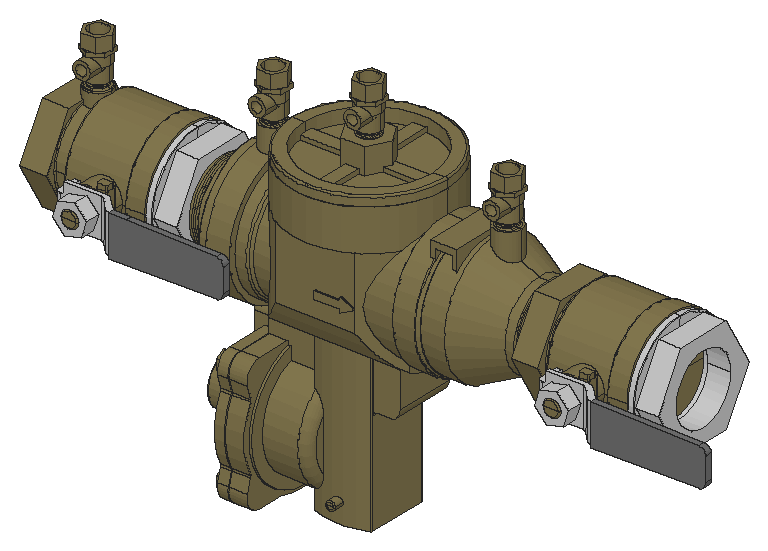
Revit family "FRP2.00-QT-LL 2.00in FRP", category Plumbing Fixtures, Revit 2018 (continued)
Definition of nested family "00_2-00 V R"
  Forms (in)
    Extrusion 6, solid, material <- "H Material"
      sketch origin (1.16635, 5.78489, 0.47153) x (1, 0, 0) y (0, 1, 0)
        loop
          arc (0.04274, -8.17899) -> (0.12022, -8.1944) -> (0.18591, -8.23829) r 0.20247
          line (0.18591, -8.23829) -> (0.51877, -8.57115)
          arc (0.51877, -8.57115) -> (0.59987, -8.62534) -> (0.69554, -8.64437) r 0.25
          line (0.69554, -8.64437) -> (1.16913, -8.64437) -> (1.16913, -8.51119) -> (0.74356, -8.51119)
          arc (0.74356, -8.51119) -> (0.67647, -8.49785) -> (0.61959, -8.45984) r 0.17533
          line (0.61959, -8.45984) -> (0.2782, -8.11845)
          arc (0.2782, -8.11845) -> (0.17911, -8.05224) -> (0.06222, -8.02899) r 0.30544
      from -0.30619 to 0.82178
    Revolve 7, solid, material <- "B Material"
      sketch origin (0.68626, -1.37795, 0.69658) x (1, 0, 0) y (0, 1, 0)
        loop
          line (-0.0117, -1.47638) -> (0.19672, -1.47638) -> (0.24207, -1.42233) -> (0.19659, -1.38806) -> (0.2383, -1.34917) -> (0.19628, -1.30999) -> (0.23831, -1.2708) -> (0.19628, -1.2316) -> (0.23832, -1.1924) -> (-0.0117, -1.1924) -> (-0.0117, -1.47638)
        axis (-0.0117, -1.1924) -> (-0.0117, -1.47638)
      angle from 0 to 360
    Extrusion 8, solid, material <- "B Material"
      sketch origin (1.40496, -0.59233, 0) x (1, 0, 0) y (0, 1, 0)
        loop
          line (-1.26903, -1.25808) -> (-1.34987, -1.28746) -> (-1.34987, -1.53366) -> (-1.26903, -1.53366) -> (-1.26903, -1.25808)
      from 0.57677 to 0.92673
    Extrusion 9, solid, material <- "H Material"
      sketch origin (0.27889, -0.34018, 0.17051) x (0.956305, 0, -0.292372) y (0.292372, 0, 0.956305)
        loop
          line (-0.2107, 0.86931) -> (-0.21609, 0.37155) -> (0.21229, 0.118) -> (0.64606, 0.36221) -> (0.65145, 0.85998) -> (0.22307, 1.11353) -> (-0.2107, 0.86931)
        loop
          circle (0.22458, 0.61877) r 0.25377
      from 2.05392 to 2.47714
    Extrusion 10, solid, material <- "B Material"
      sketch origin (0.62094, -0.74833, 0.15748) x (1, 0, 0) y (0, 0, 1)
        loop
          line (-0.17058, 0.15363) -> (0.26942, 0.15363) -> (0.48942, 0.54008) -> (0.26942, 0.92114) -> (-0.17058, 0.92114) -> (-0.39058, 0.54008) -> (-0.17058, 0.15363)
        loop
          arc (0.04942, 0.81618) -> (-0.22538, 0.5134) -> (0.10253, 0.26915) r 0.27609
          arc (0.10253, 0.26915) -> (0.32422, 0.56676) -> (0.04942, 0.81618) r 0.27609
      from 1.41703 to 1.49577
    Extrusion 11, solid, material <- "B Material"
      sketch origin (6.64734, 25.51014, 0) x (0, -1, 0) y (0, 0, 1)
        loop
          line (24.70303, 2.09193) -> (23.89895, 0.69224) -> (24.70908, -0.70397) -> (26.3233, -0.70048) -> (27.12738, 0.69922) -> (26.31725, 2.09542) -> (24.70303, 2.09193)
        loop
          circle (25.51014, 0.69572) r 1
      from 7.33853 to 8.08656
    Extrusion 12, solid, material <- "H Material"
      sketch origin (10.46624, 25.51014, 0) x (0, -1, 0) y (0, 0, 1)
        loop
          line (24.70303, 2.09193) -> (23.89895, 0.69224) -> (24.70908, -0.70397) -> (26.3233, -0.70048) -> (27.12738, 0.69922) -> (26.31725, 2.09542) -> (24.70303, 2.09193)
        loop
          circle (25.51014, 0.69572) r 1
      from 7.69286 to 8.36215
    Extrusion 13, void
      sketch origin (0, 0, 0) x (1, 0, 0) y (0, 1, 0)
        loop
          line (-0.11174, -1.67995) -> (-0.11174, -2.42995) -> (0.15509, -2.42995) -> (0.15509, -1.67995) -> (-0.11174, -1.67995)
      from 0.97925 to 1.39067
    Extrusion 14, void
      sketch origin (0, 0, -0.87401) x (1, 0, 0) y (0, 1, 0)
        loop
          line (-0.11174, -1.67995) -> (-0.11174, -2.42995) -> (0.15509, -2.42995) -> (0.15509, -1.67995) -> (-0.11174, -1.67995)
      from 0.97925 to 1.56974
    Extrusion 15, solid, material <- "B Material"
      sketch origin (0, 0, 0) x (1, 0, 0) y (0, 1, 0)
        loop
          line (1.17713, -1.92913) -> (0.9438, -1.92913)
          arc (0.9438, -1.92913) -> (0.92909, -1.93523) -> (0.92299, -1.94994) r 0.02081
          line (0.92299, -1.94994) -> (0.92299, -2.1251)
          arc (0.92299, -2.1251) -> (0.92902, -2.13965) -> (0.94356, -2.14567) r 0.02057
          line (0.94356, -2.14567) -> (1.16089, -2.14567)
          arc (1.16089, -2.14567) -> (1.18754, -2.13463) -> (1.19858, -2.10797) r 0.0377
          line (1.19858, -2.10797) -> (1.19858, -1.95059)
          arc (1.19858, -1.95059) -> (1.1923, -1.93542) -> (1.17713, -1.92913) r 0.02145
      from 1.29595 to 1.44376
  Cuts and joins
    Extrusion 13, Extrusion 14 cuts Revolve 2
    joined: Revolve 1, Revolve 2
    Extrusion 13, Extrusion 14 cuts Extrusion 6
    Extrusion 13 cuts Extrusion 8
    Extrusion 13 cuts Extrusion 10
  Dimensions and locks (in)
    equal spacing: plane 8, plane 9, level
    aligned and locked: level to plane 2
  Automatic sketch dimensions
    Revolve 4 sketch curve to plane 4 = 1.00173"
    Revolve 4 sketch curve to Revolve 4 sketch curve = 0.01998"
    Revolve 4 sketch curve to Revolve 4 sketch curve = 0.01999"
    Revolve 4 sketch curve to Revolve 4 sketch curve = 0.17687"
    plane 8 to Revolve 4 sketch curve = 0.31111"
    Revolve 4 sketch curve to Revolve 4 sketch curve = 0.56148"
    Revolve 4 sketch curve to Revolve 4 sketch curve = 0.00"
    plane 9 to Revolve 4 sketch curve = 0.03262"
    Revolve 4 sketch curve to Revolve 4 sketch curve = 0.41118"
    Revolve 4 sketch curve to Revolve 4 sketch curve = 0.08313"
    level to Extrusion 5 sketch curve = 0.13829"
    plane 4 to Extrusion 5 sketch curve = 0.75168"
    Extrusion 5 sketch curve to plane 9 = 0.34639"
    Extrusion 5 sketch curve to Extrusion 5 sketch curve = 3.10383"
    plane 6 to Extrusion 5 sketch curve = 0.06892"
    Extrusion 5 sketch curve to Extrusion 5 sketch curve = 0.00055"
    level to Extrusion 5 sketch curve = 0.1854"
    Extrusion 5 sketch curve to Extrusion 5 sketch curve = 0.00298"
    Extrusion 5 sketch curve to plane 6 = 0.12709"
    plane 8 to Extrusion 5 sketch curve = 0.14076"
    Extrusion 6 sketch curve to plane 3 "Center (Left/Right)" = 0.09491"
    plane 3 "Center (Left/Right)" to Extrusion 6 sketch curve = 0.05509"
    Extrusion 6 sketch curve to Extrusion 6 sketch curve = 0.00448"
    Extrusion 6 sketch curve to Extrusion 6 sketch curve = 0.03468"
    plane 4 to Extrusion 6 sketch curve = 0.10673"
    Extrusion 6 sketch curve to Extrusion 6 sketch curve = 0.01948"
    Extrusion 6 sketch curve to Extrusion 6 sketch curve = 0.14317"
    Extrusion 6 sketch curve to Extrusion 6 sketch curve = 0.09229"
    Extrusion 6 sketch curve to Extrusion 6 sketch curve = 0.33286"
    Extrusion 6 sketch curve to Extrusion 6 sketch curve = 0.10082"
    Extrusion 6 sketch curve to Extrusion 6 sketch curve = 0.07595"
    Extrusion 6 sketch curve to Extrusion 6 sketch curve = 0.04802"
    Extrusion 6 sketch curve to Extrusion 6 sketch curve = 0.42556"
    plane 1 "Center (Front/Back)" to Extrusion 6 sketch curve = 2.85948"
    Extrusion 6 sketch curve to Extrusion 6 sketch curve = 0.07322"
    Extrusion 6 sketch curve to Extrusion 6 sketch curve = 0.13318"
    Extrusion 6 sketch curve to Extrusion 6 sketch curve = 0.06547"
    Extrusion 6 sketch curve to Extrusion 6 sketch curve = 0.18969"
    Extrusion 6 sketch curve to Extrusion 6 sketch curve = 0.04703"
    Extrusion 6 sketch curve to Extrusion 6 sketch curve = 0.09614"
    Extrusion 6 sketch curve to Extrusion 6 sketch curve = 0.11984"
    Extrusion 6 sketch curve to Extrusion 6 sketch curve = 0.51532"
    Revolve 7 sketch curve to plane 4 = 0.4278"
    Revolve 7 sketch curve to plane 4 = 0.21982"
    Revolve 7 sketch curve to Revolve 7 sketch curve = 0.00"  (x3)
    Revolve 7 sketch curve to Revolve 7 sketch curve = 0.00031"
    Revolve 7 sketch curve to Revolve 7 sketch curve = 0.00012"
    Revolve 7 sketch curve to Revolve 7 sketch curve = 0.04171"
    Revolve 7 sketch curve to Revolve 7 sketch curve = 0.04203"
    Revolve 7 sketch curve to Revolve 7 sketch curve = 0.04204"
    Revolve 7 sketch curve to Revolve 7 sketch curve = 0.04547"
    plane 1 "Center (Front/Back)" to Revolve 7 sketch curve = 2.85433"
    Revolve 7 sketch curve to Revolve 7 sketch curve = 0.05405"
    Revolve 7 sketch curve to Revolve 7 sketch curve = 0.03427"
    Revolve 7 sketch curve to Revolve 7 sketch curve = 0.03889"
    Revolve 7 sketch curve to Revolve 7 sketch curve = 0.03918"
    Revolve 7 sketch curve to Revolve 7 sketch curve = 0.03919"  (x2)
    Revolve 7 sketch curve to Revolve 7 sketch curve = 0.0392"
    Revolve 7 sketch curve to Revolve 7 sketch curve = 0.08721"
    Extrusion 9 sketch curve to Extrusion 9 sketch curve = 0.00"  (x2)
    Extrusion 9 sketch curve to plane 9 = 0.13934"
    plane 3 "Center (Left/Right)" to Extrusion 9 sketch curve = 0.18087"
    Extrusion 9 sketch curve to Extrusion 9 sketch curve = 0.00539"
    Extrusion 9 sketch curve to Extrusion 9 sketch curve = 0.42838"
    Extrusion 9 sketch curve to Extrusion 9 sketch curve = 0.43377"
    Extrusion 9 sketch curve to Extrusion 9 sketch curve = 0.00151"
    Extrusion 9 sketch curve to Extrusion 9 sketch curve = 0.42148"
    Extrusion 9 sketch curve to Extrusion 9 sketch curve = 0.42687"
    Extrusion 9 sketch curve to Extrusion 9 sketch curve = 0.00934"
    Extrusion 9 sketch curve to Extrusion 9 sketch curve = 0.24421"
    Extrusion 9 sketch curve to Extrusion 9 sketch curve = 0.25655"
    Extrusion 9 sketch curve to Extrusion 9 sketch curve = 0.24121"
    Extrusion 9 sketch curve to Extrusion 9 sketch curve = 0.49776"
    Extrusion 9 sketch curve to Extrusion 9 sketch curve = 0.49476"
    Extrusion 9 sketch curve to Extrusion 9 sketch curve = 0.24268"
    Extrusion 9 sketch curve to Extrusion 9 sketch curve = 0.18419"
    Extrusion 9 sketch curve to Extrusion 9 sketch curve = 0.07419"
    Extrusion 11 sketch curve to Extrusion 11 sketch curve = 0.00"  (x2)
    Extrusion 11 sketch curve to plane 1 "Center (Front/Back)" = 0.00"
    Extrusion 11 sketch curve to plane 1 "Center (Front/Back)" = 0.80106"
    Extrusion 11 sketch curve to plane 1 "Center (Front/Back)" = 0.80711"
    Extrusion 11 sketch curve to plane 9 = 0.03611"
    Extrusion 11 sketch curve to plane 1 "Center (Front/Back)" = 1.61119"
    plane 1 "Center (Front/Back)" to Extrusion 11 sketch curve = 0.80711"
    plane 1 "Center (Front/Back)" to Extrusion 11 sketch curve = 0.81315"
    Extrusion 11 sketch curve to plane 9 = 0.02913"
    Extrusion 11 sketch curve to Extrusion 11 sketch curve = 0.80408"
    Extrusion 11 sketch curve to level = 0.70048"
    Extrusion 11 sketch curve to level = 0.70397"
    Extrusion 11 sketch curve to plane 9 = 0.03263"
    Extrusion 11 sketch curve to plane 8 = 0.63524"
    Extrusion 11 sketch curve to plane 8 = 0.63873"
    Extrusion 11 sketch curve to Extrusion 11 sketch curve = 0.61119"
    Extrusion 12 sketch curve to plane 1 "Center (Front/Back)" = 0.00"
    Extrusion 12 sketch curve to plane 1 "Center (Front/Back)" = 0.80106"
    Extrusion 12 sketch curve to plane 1 "Center (Front/Back)" = 0.80711"
    Extrusion 12 sketch curve to plane 9 = 0.03611"
    Extrusion 12 sketch curve to plane 1 "Center (Front/Back)" = 1.61119"
    plane 1 "Center (Front/Back)" to Extrusion 12 sketch curve = 0.80711"
    plane 1 "Center (Front/Back)" to Extrusion 12 sketch curve = 0.81315"
    Extrusion 12 sketch curve to plane 9 = 0.02913"
    Extrusion 12 sketch curve to Extrusion 12 sketch curve = 0.80408"
    Extrusion 12 sketch curve to level = 0.70048"
    Extrusion 12 sketch curve to level = 0.70397"
    Extrusion 12 sketch curve to plane 9 = 0.03263"
    Extrusion 12 sketch curve to plane 8 = 0.63524"
    Extrusion 12 sketch curve to plane 8 = 0.63873"
    Extrusion 13 sketch curve to plane 3 "Center (Left/Right)" = 0.11174"
    plane 3 "Center (Left/Right)" to Extrusion 13 sketch curve = 0.15509"
    plane 1 "Center (Front/Back)" to Extrusion 13 sketch curve = 2.42995"
    Extrusion 13 sketch curve to Extrusion 13 sketch curve = 0.75"
    Extrusion 14 sketch curve to plane 3 "Center (Left/Right)" = 0.11174"
    plane 3 "Center (Left/Right)" to Extrusion 14 sketch curve = 0.15509"
    plane 1 "Center (Front/Back)" to Extrusion 14 sketch curve = 2.42995"
    Extrusion 14 sketch curve to Extrusion 14 sketch curve = 0.75"
    Extrusion 10 sketch curve to Extrusion 10 sketch curve = 0.00"  (x2)
    Extrusion 10 sketch curve to plane 9 = 0.03078"  (x3)
    plane 3 "Center (Left/Right)" to Extrusion 10 sketch curve = 0.23036"
    plane 3 "Center (Left/Right)" to Extrusion 10 sketch curve = 0.45036"
    plane 6 to Extrusion 10 sketch curve = 0.06312"
    Extrusion 10 sketch curve to Extrusion 10 sketch curve = 0.22"
    Extrusion 10 sketch curve to plane 4 = 0.432"
    Extrusion 10 sketch curve to plane 4 = 0.212"  (x2)
    plane 4 to Extrusion 10 sketch curve = 0.008"
    level to Extrusion 10 sketch curve = 0.31111"
    Extrusion 10 sketch curve to Extrusion 10 sketch curve = 0.16689"
    Extrusion 10 sketch curve to Extrusion 10 sketch curve = 0.11552"
    Revolve 2 sketch curve to plane 4 = 0.43528"
    plane 4 to Revolve 2 sketch curve = 0.076"
    plane 4 to Revolve 2 sketch curve = 0.09622"
    plane 1 "Center (Front/Back)" to Revolve 2 sketch curve = 2.16535"
    Revolve 2 sketch curve to Revolve 2 sketch curve = 0.69621"
    Revolve 2 sketch curve to Revolve 2 sketch curve = 0.00"
    Revolve 2 sketch curve to Revolve 2 sketch curve = 0.01863"
    Revolve 2 sketch curve to Revolve 2 sketch curve = 0.03913"
    Extrusion 3 sketch curve to plane 4 = 0.20749"
    Extrusion 3 sketch curve to Extrusion 3 sketch curve = 0.03765"
    Extrusion 3 sketch curve to Extrusion 3 sketch curve = 0.04925"
    plane 4 to Extrusion 3 sketch curve = 0.05852"
    plane 4 to Extrusion 3 sketch curve = 0.07091"
    Extrusion 3 sketch curve to Extrusion 3 sketch curve = 0.0377"
    plane 1 "Center (Front/Back)" to Extrusion 3 sketch curve = 2.14567"
    Extrusion 3 sketch curve to Extrusion 3 sketch curve = 0.22216"
    Extrusion 15 sketch curve to plane 4 = 0.17937"
    Extrusion 15 sketch curve to Extrusion 15 sketch curve = 0.02057"
    Extrusion 15 sketch curve to Extrusion 15 sketch curve = 0.02081"
    plane 4 to Extrusion 15 sketch curve = 0.05852"
    Extrusion 15 sketch curve to Extrusion 15 sketch curve = 0.02145"
    plane 1 "Center (Front/Back)" to Extrusion 15 sketch curve = 2.14567"
    Extrusion 15 sketch curve to Extrusion 15 sketch curve = 0.0377"
    Extrusion 15 sketch curve to Extrusion 15 sketch curve = 0.15739"
    plane 1 "Center (Front/Back)" to Extrusion 8 sketch curve = 2.12598"
    Extrusion 8 sketch curve to Extrusion 8 sketch curve = 0.08084"
    Extrusion 8 sketch curve to Extrusion 8 sketch curve = 0.2462"
    Extrusion 8 sketch curve to Extrusion 8 sketch curve = 0.02938"
    plane 3 "Center (Left/Right)" to Extrusion 8 sketch curve = 0.05509"
    plane 1 "Center (Front/Back)" to Revolve 1 sketch curve = 0.00"  (x2)
    Revolve 1 sketch curve to plane 5 = 0.41118"
    Revolve 1 sketch curve to Revolve 1 sketch curve = 0.03911"
    Revolve 1 sketch curve to Revolve 1 sketch curve = 0.15808"
    Revolve 1 sketch curve to Revolve 1 sketch curve = 0.03903"
    Revolve 1 sketch curve to Revolve 1 sketch curve = 0.04121"
    plane 4 to Revolve 1 sketch curve = 0.21418"
    Revolve 1 sketch curve to Revolve 1 sketch curve = 0.03795"
    Revolve 1 sketch curve to Revolve 1 sketch curve = 0.55276"
    Revolve 1 sketch curve to plane 1 "Center (Front/Back)" = 1.33858"
    Revolve 1 sketch curve to Revolve 1 sketch curve = 0.03485"
    Revolve 1 sketch curve to Revolve 1 sketch curve = 0.19638"
    Revolve 1 sketch curve to Revolve 1 sketch curve = 0.08165"
    Revolve 1 sketch curve to Revolve 1 sketch curve = 0.19798"
    radius of Extrusion 12 sketch curve = 1.00"
